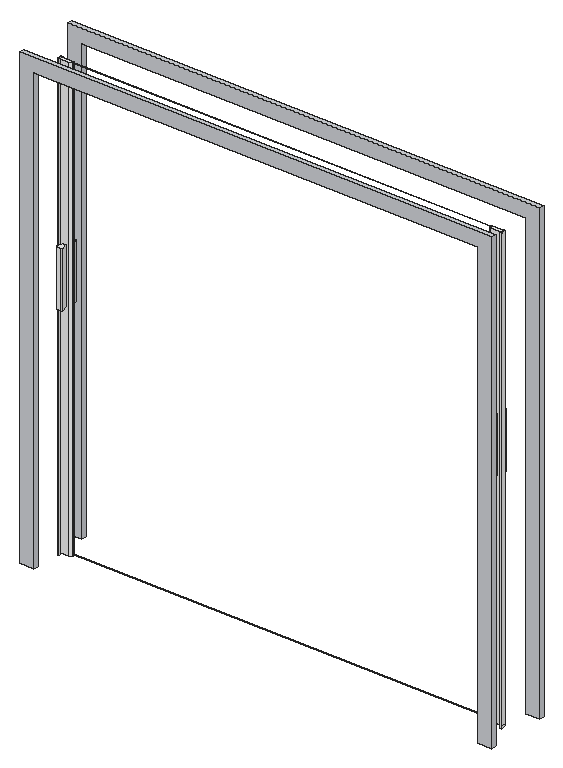
Revit family "Woodfold-Accordion-Door-Family-Series-540-Double", category Doors, host Wall, Revit 2026 (continued)
Definition of nested family "Detail - Panel Section - Recessed Track"
  Lines and regions (in)
    detail lines, in view "Ref. Level"
      curve 30: line (47.35392, -2.28816, 0) -> (47.03637, -2.28816, 0)
      curve 31: arc (47.07493, -2.22839, 0) -> (47.01689, -2.29205, 0) -> (46.95504, -2.23208, 0) r 0.06
      curve 32: line (47.315, -2.25816, 0) -> (47.06907, -2.25816, 0)
      curve 33: line (47.07493, -2.22839, 0) -> (47.35392, -2.22816, 0)
      curve 34: line (47.07511, -2.17209, 0) -> (47.07511, -2.22839, 0)
      curve 35: line (47.375, -2.17209, 0) -> (47.07511, -2.17209, 0)
      curve 36: line (47.375, -2.40479, 0) -> (47.375, 2.40479, 0)
      curve 37: arc (46.955, -1.14495, 0) -> (46.97747, -1.18941, 0) -> (46.955, -1.23387, 0) r 0.05523
      curve 38: arc (46.955, -0.39495, 0) -> (46.97747, -0.43941, 0) -> (46.955, -0.48387, 0) r 0.05523
      curve 39: arc (46.955, 0.47505, 0) -> (46.97747, 0.43059, 0) -> (46.955, 0.38613, 0) r 0.05523
      curve 40: arc (46.955, 1.22505, 0) -> (46.97747, 1.18059, 0) -> (46.955, 1.13613, 0) r 0.05523
      curve 41: arc (46.955, 2.11176, 0) -> (46.96964, 2.14712, 0) -> (47.005, 2.16176, 0) r 0.05
      curve 42: line (47.375, 2.16176, 0) -> (47.005, 2.16176, 0)
      curve 43: arc (47.07511, 1.34792, 0) -> (47.01511, 1.40792, 0) -> (47.07511, 1.46792, 0) r 0.06
      curve 44: arc (47.07511, 1.46792, 0) -> (47.13511, 1.40792, 0) -> (47.07511, 1.34792, 0) r 0.06
      curve 45: arc (47.07511, -1.44643, 0) -> (47.01511, -1.38643, 0) -> (47.07511, -1.32643, 0) r 0.06
      curve 46: arc (47.07511, -1.32643, 0) -> (47.13511, -1.38643, 0) -> (47.07511, -1.44643, 0) r 0.06
      curve 47: arc (47.375, 2.199, 0) -> (47.41022, 2.28802, 0) -> (47.375, 2.37703, 0) r 0.13011
      curve 48: line (47.35392, 2.21839, 0) -> (47.35392, 2.35623, 0)
      curve 49: line (47.35392, 2.22816, 0) -> (46.955, 2.22816, 0)
      curve 94: line (48, -2.40479, 0) -> (48, 2.34521, 0)
      curve 96: line (46.955, -2.23208, 0) -> (46.955, 2.11176, 0)
      curve 98: line (1.73233, -2.22816, 0) -> (1.73233, 2.11585, 0)
    detail lines, in view "Ref. Level", not visible
      curve 50: arc (0, -2.199, 0) -> (-0.03522, -2.28802, 0) -> (0, -2.37703, 0) r 0.13011
      curve 51: line (0.02108, -2.21839, 0) -> (0.02108, -2.35623, 0)
      curve 52: line (0.02108, -2.28816, 0) -> (0.33863, -2.28816, 0)
      curve 53: arc (0.30007, -2.22839, 0) -> (0.36007, -2.29208, 0) -> (0.41983, -2.22816, 0) r 0.06
      curve 54: line (0.06, -2.25816, 0) -> (0.30593, -2.25816, 0)
      curve 55: line (0.30007, -2.22839, 0) -> (0.02108, -2.22816, 0)
      curve 56: line (0.29989, -2.17209, 0) -> (0.29989, -2.22839, 0)
      curve 57: line (0, -2.17209, 0) -> (0.29989, -2.17209, 0)
      curve 58: line (0, -2.40479, 0) -> (0, 2.40479, 0)
      curve 59: arc (0.41983, -1.14507, 0) -> (0.39753, -1.18941, 0) -> (0.41983, -1.23375, 0) r 0.05523
      curve 60: arc (0.41983, -0.39507, 0) -> (0.39753, -0.43941, 0) -> (0.41983, -0.48375, 0) r 0.05523
      curve 61: arc (0.41983, 0.47493, 0) -> (0.39753, 0.43059, 0) -> (0.41983, 0.38625, 0) r 0.05523
      curve 62: arc (0.41983, 1.22493, 0) -> (0.39753, 1.18059, 0) -> (0.41983, 1.13625, 0) r 0.05523
      curve 63: arc (0.41983, 2.11585, 0) -> (0.40388, 2.14854, 0) -> (0.37, 2.16176, 0) r 0.05
      curve 64: line (0, 2.16176, 0) -> (0.37, 2.16176, 0)
      curve 65: arc (0.29989, 1.34792, 0) -> (0.35989, 1.40792, 0) -> (0.29989, 1.46792, 0) r 0.06
      curve 66: arc (0.29989, 1.46792, 0) -> (0.23989, 1.40792, 0) -> (0.29989, 1.34792, 0) r 0.06
      curve 67: arc (0.29989, -1.44643, 0) -> (0.35989, -1.38643, 0) -> (0.29989, -1.32643, 0) r 0.06
      curve 68: arc (0.29989, -1.32643, 0) -> (0.23989, -1.38643, 0) -> (0.29989, -1.44643, 0) r 0.06
      curve 69: arc (0, 2.199, 0) -> (-0.03522, 2.28802, 0) -> (0, 2.37703, 0) r 0.13011
      curve 70: line (0.02108, 2.21839, 0) -> (0.02108, 2.35623, 0)
      curve 71: line (0.41983, 2.22816, 0) -> (0.02108, 2.22816, 0)
      curve 72: arc (8.68994, -2.199, 0) -> (8.72516, -2.28802, 0) -> (8.68994, -2.37703, 0) r 0.13011
      curve 73: line (8.66886, -2.21839, 0) -> (8.66886, -2.35623, 0)
      curve 74: line (8.66886, -2.28816, 0) -> (8.35131, -2.28816, 0)
      curve 75: arc (8.38987, -2.22839, 0) -> (8.33183, -2.29205, 0) -> (8.26998, -2.23208, 0) r 0.06
      curve 76: line (8.62994, -2.25816, 0) -> (8.38402, -2.25816, 0)
      curve 77: line (8.38987, -2.22839, 0) -> (8.66886, -2.22816, 0)
      curve 78: line (8.39005, -2.17209, 0) -> (8.39005, -2.22839, 0)
      curve 79: line (8.68994, -2.17209, 0) -> (8.39005, -2.17209, 0)
      curve 80: line (8.68994, -2.40479, 0) -> (8.68994, 2.40479, 0)
      curve 81: arc (8.26994, -1.14495, 0) -> (8.29241, -1.18941, 0) -> (8.26994, -1.23387, 0) r 0.05523
      curve 82: arc (8.26994, -0.39495, 0) -> (8.29241, -0.43941, 0) -> (8.26994, -0.48387, 0) r 0.05523
      curve 83: arc (8.26994, 0.47505, 0) -> (8.29241, 0.43059, 0) -> (8.26994, 0.38613, 0) r 0.05523
      curve 84: arc (8.26994, 1.22505, 0) -> (8.29241, 1.18059, 0) -> (8.26994, 1.13613, 0) r 0.05523
      curve 85: arc (8.26994, 2.11176, 0) -> (8.28459, 2.14712, 0) -> (8.31994, 2.16176, 0) r 0.05
      curve 86: line (8.68994, 2.16176, 0) -> (8.31994, 2.16176, 0)
      curve 87: arc (8.39005, 1.34792, 0) -> (8.33005, 1.40792, 0) -> (8.39005, 1.46792, 0) r 0.06
      curve 88: arc (8.39005, 1.46792, 0) -> (8.45005, 1.40792, 0) -> (8.39005, 1.34792, 0) r 0.06
      curve 89: arc (8.39005, -1.44643, 0) -> (8.33005, -1.38643, 0) -> (8.39005, -1.32643, 0) r 0.06
      curve 90: arc (8.39005, -1.32643, 0) -> (8.45005, -1.38643, 0) -> (8.39005, -1.44643, 0) r 0.06
      curve 91: arc (8.68994, 2.199, 0) -> (8.72516, 2.28802, 0) -> (8.68994, 2.37703, 0) r 0.13011
      curve 92: line (8.66886, 2.21839, 0) -> (8.66886, 2.35623, 0)
      curve 93: line (8.66886, 2.22816, 0) -> (8.26994, 2.22816, 0)
      curve 95: line (9.31494, -2.40479, 0) -> (9.31494, 2.34521, 0)
      curve 97: line (8.26994, -2.23208, 0) -> (8.26994, 2.11176, 0)
      curve 99: line (0.41983, -2.22816, 0) -> (0.41983, 2.11585, 0)
  Dimensions and locks (in)
    "built-in parameter 1001306": plane 3 "Left" to plane 4 "Right"
    locked: plane 5 to plane 4 "Right" at 1.045
    aligned and locked: plane 1 "Center (Front/Back)" to curve 1
    aligned and locked: plane 4 "Right" to curve 1
    aligned and locked: plane 3 "Left" to curve 1
    aligned and locked: curve 94 to plane 4 "Right"
    aligned and locked: Filled region 1 to plane 5
    aligned and locked: curve 24 to curve 25
    aligned and locked: curve 8 to curve 4
    aligned and locked: curve 12 to nested 1
    aligned and locked: Filled region 1 to curve 98
  Automatic sketch dimensions
    plane 1 "Center (Front/Back)" to Filled region 1 sketch curve = 0' - 2.22816"
    Filled region 1 sketch curve to plane 1 "Center (Front/Back)" = 0' - 2.2317"
    plane 3 "Left" to Filled region 1 sketch curve = 3' - 10.955"
    plane 3 "Left" to Filled region 1 sketch curve = 0' - 1.73233"
    curve 38 to curve 39 = 0' - 0"
    curve 40 to curve 39 = 0' - 0"
    curve 38 to curve 37 = 0' - 0"
    curve 49 to curve 40 = 0' - 0"
    curve 37 to curve 37 = 0' - 0.03276"
    curve 49 to curve 41 = 0' - 0"
    curve 37 to curve 31 = 0' - 0.00004"
    curve 41 to curve 41 = 0' - 0.05"
    curve 42 to curve 41 = 0' - 0"
    curve 31 to curve 30 = 0' - 0.02133"
    curve 30 to curve 32 = 0' - 0.0327"
    curve 32 to curve 33 = 0' - 0.00585"
    curve 37 to curve 46 = 0' - 0.12011"
    curve 40 to curve 43 = 0' - 0.12011"
    curve 31 to curve 35 = 0' - 0.00018"
    curve 42 to curve 47 = 0' - 0.27511"
    curve 32 to curve 28 = 0' - 0.21103"
    curve 28 to curve 32 = 0' - 0.03489"
    curve 47 to curve 48 = 0' - 0.07381"
    curve 32 to curve 29 = 0' - 0.03892"
    curve 29 to curve 28 = 0' - 0.02108"
    curve 47 to curve 94 = 0' - 0 5/8"
    curve 36 to curve 94 = 0' - 0"
    curve 36 to curve 28 = 0' - 0.02776"
    curve 28 to curve 29 = 0' - 0.0208"
    curve 29 to curve 30 = 0' - 0.06807"
    curve 30 to curve 28 = 0' - 0.00014"
    curve 30 to curve 32 = 0' - 0.03"
    curve 31 to curve 34 = 0' - 0"
    curve 33 to curve 29 = 0' - 0.00977"
    curve 34 to curve 34 = 0' - 0.0563"
    curve 34 to curve 46 = 0' - 0.72566"
    curve 45 to curve 45 = 0' - 0.06"
    curve 45 to curve 37 = 0' - 0.09256"
    curve 37 to curve 37 = 0' - 0.04446"
    curve 37 to curve 38 = 0' - 0.66108"
    curve 38 to curve 38 = 0' - 0.04446"
    curve 38 to curve 39 = 0' - 0.78108"
    curve 39 to curve 39 = 0' - 0.04446"
    curve 39 to curve 40 = 0' - 0.66108"
    curve 40 to curve 40 = 0' - 0.04446"
    curve 40 to curve 43 = 0' - 0.12287"
    curve 43 to curve 44 = 0' - 0.06"
    curve 43 to curve 41 = 0' - 0.64384"
    curve 41 to curve 42 = 0' - 0"
    curve 42 to curve 47 = 0' - 0.03724"
    curve 47 to curve 48 = 0' - 0.01939"
    curve 42 to curve 49 = 0' - 0 17/256"
    curve 49 to curve 47 = 0' - 0.05986"
    curve 94 to curve 47 = 0' - 0.03183"
    curve 48 to curve 47 = 0' - 0.0208"
    curve 47 to curve 36 = 0' - 0.02776"
    curve 82 to curve 83 = 0' - 0"
    curve 84 to curve 83 = 0' - 0"
    curve 82 to curve 81 = 0' - 0"
    curve 93 to curve 84 = 0' - 0"
    curve 81 to curve 81 = 0' - 0.03276"
    curve 93 to curve 85 = 0' - 0"
    curve 81 to curve 75 = 0' - 0.00004"
    curve 85 to curve 85 = 0' - 0.05"
    curve 86 to curve 85 = 0' - 0"
    curve 75 to curve 74 = 0' - 0.02133"
    curve 74 to curve 76 = 0' - 0.0327"
    curve 76 to curve 77 = 0' - 0.00585"
    curve 81 to curve 90 = 0' - 0.12011"
    curve 84 to curve 87 = 0' - 0.12011"
    curve 75 to curve 79 = 0' - 0.00018"
    curve 86 to curve 91 = 0' - 0.27511"
    curve 76 to curve 72 = 0' - 0.21103"
    curve 72 to curve 76 = 0' - 0.03489"
    curve 91 to curve 92 = 0' - 0.07381"
    curve 76 to curve 73 = 0' - 0.03892"
    curve 73 to curve 72 = 0' - 0.02108"
    curve 91 to curve 95 = 0' - 0 5/8"
    curve 80 to curve 95 = 0' - 0"
    curve 80 to curve 72 = 0' - 0.02776"
    curve 72 to curve 73 = 0' - 0.0208"
    curve 73 to curve 74 = 0' - 0.06807"
    curve 74 to curve 72 = 0' - 0.00014"
    curve 74 to curve 76 = 0' - 0.03"
    curve 75 to curve 78 = 0' - 0"
    curve 77 to curve 73 = 0' - 0.00977"
    curve 78 to curve 78 = 0' - 0.0563"
    curve 78 to curve 90 = 0' - 0.72566"
    curve 89 to curve 89 = 0' - 0.06"
    curve 89 to curve 81 = 0' - 0.09256"
    curve 81 to curve 81 = 0' - 0.04446"
    curve 81 to curve 82 = 0' - 0.66108"
    curve 82 to curve 82 = 0' - 0.04446"
    curve 82 to curve 83 = 0' - 0.78108"
    curve 83 to curve 83 = 0' - 0.04446"
    curve 83 to curve 84 = 0' - 0.66108"
    curve 84 to curve 84 = 0' - 0.04446"
    curve 84 to curve 87 = 0' - 0.12287"
    curve 87 to curve 88 = 0' - 0.06"
    curve 87 to curve 85 = 0' - 0.64384"
    curve 85 to curve 86 = 0' - 0"
    curve 86 to curve 91 = 0' - 0.03724"
    curve 91 to curve 92 = 0' - 0.01939"
    curve 86 to curve 93 = 0' - 0 17/256"
    curve 93 to curve 91 = 0' - 0.05986"
    curve 95 to curve 91 = 0' - 0.03183"
    curve 92 to curve 91 = 0' - 0.0208"
    curve 91 to curve 80 = 0' - 0.02776"
    curve 43 to curve 44 = 0' - 0"  (x2)
    curve 45 to curve 46 = 0' - 0"  (x2)
    curve 96 to curve 31 = 0' - 0"
    curve 96 to curve 41 = 0' - 0"
    curve 87 to curve 88 = 0' - 0"  (x2)
    curve 89 to curve 90 = 0' - 0"  (x2)
    curve 97 to curve 75 = 0' - 0"
    curve 97 to curve 85 = 0' - 0"
    curve 25 to curve 26 = 0' - 0.04008"
    plane 3 "Left" to curve 8 = 0' - 1.56879"
    curve 8 to curve 9 = 0' - 0.0327"
    curve 9 to plane 5 = 0' - 0.00601"
    curve 8 to plane 5 = 0' - 0.03871"
    curve 26 to plane 5 = 0' - 0.36858"
    curve 26 to curve 25 = 0' - 0.03034"
    curve 8 to curve 9 = 0' - 0.03"
    curve 26 to plane 1 "Center (Front/Back)" = 0' - 2.26161"
    curve 26 to curve 25 = 0' - 0.03"
    curve 23 to curve 24 = 0' - 0.02108"
    curve 2 to curve 3 = 0' - 0.02108"
    curve 4 to curve 6 = 0' - 0.03892"
    curve 27 to curve 23 = 0' - 0.07381"
    curve 6 to curve 2 = 0' - 0.03489"
    curve 2 to curve 10 = 0' - 0.205"
    curve 18 to curve 19 = 0' - 0.29989"
    curve 10 to curve 22 = 0' - 0"
    curve 10 to curve 5 = 0' - 0.00018"
    curve 5 to curve 6 = 0' - 0.00585"
    curve 6 to curve 4 = 0' - 0.0327"
    curve 4 to curve 5 = 0' - 0.02133"
    curve 23 to curve 18 = 0' - 0.27511"
    curve 17 to curve 18 = 0' - 0"  (x2)
    curve 17 to curve 17 = 0' - 0.04983"
    curve 18 to curve 27 = 0' - 0.04983"
    curve 16 to curve 16 = 0' - 0.03293"
    curve 13 to curve 13 = 0' - 0.03293"
    curve 15 to curve 15 = 0' - 0.03293"
    curve 14 to curve 14 = 0' - 0.03293"
    curve 12 to curve 2 = 0' - 0.02776"
    curve 2 to curve 3 = 0' - 0.0208"
    curve 3 to curve 4 = 0' - 0.06807"
    curve 4 to curve 2 = 0' - 0.00014"
    curve 4 to curve 6 = 0' - 0.03"
    curve 7 to curve 10 = 0' - 0"
    curve 7 to curve 3 = 0' - 0.00977"
    curve 10 to curve 11 = 0' - 0.0563"
    curve 10 to curve 22 = 0' - 0.72566"
    curve 21 to curve 22 = 0' - 0.06"
    curve 21 to curve 13 = 0' - 0.09268"
    curve 13 to curve 13 = 0' - 0.04434"
    curve 13 to curve 14 = 0' - 0.66132"
    curve 14 to curve 14 = 0' - 0.04434"
    curve 14 to curve 15 = 0' - 0.78133"
    curve 15 to curve 15 = 0' - 0.04434"
    curve 15 to curve 16 = 0' - 0.66132"
    curve 16 to curve 16 = 0' - 0.04434"
    curve 16 to curve 19 = 0' - 0.12299"
    curve 19 to curve 20 = 0' - 0.06"
    curve 19 to curve 17 = 0' - 0.64384"
    curve 17 to curve 17 = 0' - 0.00409"
    curve 18 to curve 23 = 0' - 0.03724"
    curve 23 to curve 24 = 0' - 0.01939"
    curve 24 to curve 27 = 0' - 0.00977"
    curve 27 to curve 23 = 0' - 0.05986"
    curve 24 to curve 23 = 0' - 0.0208"
    curve 23 to curve 12 = 0' - 0.02776"
    curve 19 to curve 20 = 0' - 0"  (x2)
    curve 21 to curve 22 = 0' - 0"  (x2)
    curve 69 to curve 70 = 0' - 0.02108"
    curve 50 to curve 51 = 0' - 0.02108"
    curve 52 to curve 54 = 0' - 0.03892"
    curve 71 to curve 69 = 0' - 0.07381"
    curve 54 to curve 50 = 0' - 0.03489"
    curve 50 to curve 56 = 0' - 0.205"
    curve 64 to curve 65 = 0' - 0.29989"
    curve 56 to curve 68 = 0' - 0"
    curve 56 to curve 53 = 0' - 0.00018"
    curve 53 to curve 54 = 0' - 0.00585"
    curve 54 to curve 52 = 0' - 0.0327"
    curve 52 to curve 53 = 0' - 0.02133"
    curve 69 to curve 64 = 0' - 0.27511"
    curve 63 to curve 64 = 0' - 0"  (x2)
    curve 63 to curve 63 = 0' - 0.04983"
    curve 64 to curve 71 = 0' - 0.04983"
    curve 62 to curve 62 = 0' - 0.03293"
    curve 59 to curve 59 = 0' - 0.03293"
    curve 61 to curve 61 = 0' - 0.03293"
    curve 60 to curve 60 = 0' - 0.03293"
    curve 58 to curve 50 = 0' - 0.02776"
    curve 50 to curve 51 = 0' - 0.0208"
    curve 51 to curve 52 = 0' - 0.06807"
    curve 52 to curve 50 = 0' - 0.00014"
    curve 52 to curve 54 = 0' - 0.03"
    curve 55 to curve 56 = 0' - 0"
    curve 55 to curve 51 = 0' - 0.00977"
    curve 56 to curve 57 = 0' - 0.0563"
    curve 56 to curve 68 = 0' - 0.72566"
    curve 67 to curve 68 = 0' - 0.06"
    curve 67 to curve 59 = 0' - 0.09268"
    curve 59 to curve 59 = 0' - 0.04434"
    curve 59 to curve 60 = 0' - 0.66132"
    curve 60 to curve 60 = 0' - 0.04434"
    curve 60 to curve 61 = 0' - 0.78133"
    curve 61 to curve 61 = 0' - 0.04434"
    curve 61 to curve 62 = 0' - 0.66132"
    curve 62 to curve 62 = 0' - 0.04434"
    curve 62 to curve 65 = 0' - 0.12299"
    curve 65 to curve 66 = 0' - 0.06"
    curve 65 to curve 63 = 0' - 0.64384"
    curve 63 to curve 63 = 0' - 0.00409"
    curve 64 to curve 69 = 0' - 0.03724"
    curve 69 to curve 70 = 0' - 0.01939"
    curve 70 to curve 71 = 0' - 0.00977"
    curve 71 to curve 69 = 0' - 0.05986"
    curve 70 to curve 69 = 0' - 0.0208"
    curve 69 to curve 58 = 0' - 0.02776"
    curve 65 to curve 66 = 0' - 0"  (x2)
    curve 67 to curve 68 = 0' - 0"  (x2)
  Nested families (in)
    nested 1: "Detail Recessed Track" at (0, 0, 0) x (-1, 0, 0) z (0, 0, 1), type "Detail Track", in view "Ref. Level"
  Definition of nested family "Detail Recessed Track"
    Parameters
      Assembly Code = ""
    Reference planes (in)
      plane 1 "Center (Front/Back)": y = 0
      plane 2: z = 0
      plane 3 "Center (Left/Right)": x = 0
    Lines and regions (in)
      detail lines, in view "Ref. Level"
        curve 1: line (-0.9375, 0.5625, 0) -> (-0.125, 0.5625, 0)
        curve 2: line (-0.125, -0.5625, 0) -> (-0.9375, -0.5625, 0)
        curve 3: line (-0.125, 0.5625, 0) -> (-0.125, -0.5625, 0)
        curve 4: line (-1.0625, -0.4375, 0) -> (-1.0625, -0.3125, 0)
        curve 5: line (-1.3125, -0.15789, 0) -> (-1.3125, 0.15789, 0)
        curve 6: line (-1.3125, 0.15789, 0) -> (-0.8125, 0.15789, 0)
        curve 7: line (-1.3125, -0.15789, 0) -> (-0.8125, -0.15789, 0)
        curve 8: line (-1.0625, -0.4375, 0) -> (-0.9375, -0.5625, 0)
        curve 9: line (-1.0625, -0.3125, 0) -> (-0.90789, -0.15789, 0)
        curve 10: line (-1.0625, 0.4375, 0) -> (-1.0625, 0.3125, 0)
        curve 11: line (-1.0625, 0.4375, 0) -> (-0.9375, 0.5625, 0)
        curve 12: line (-1.0625, 0.3125, 0) -> (-0.90789, 0.15789, 0)
        curve 13: line (-0.88572, 0.4375, 0) -> (-0.25, 0.4375, 0)
        curve 14: line (-0.25, 0.4375, 0) -> (-0.25, -0.4375, 0)
        curve 15: line (-0.25, -0.4375, 0) -> (-0.88572, -0.4375, 0)
        curve 16: line (-0.9375, -0.38572, 0) -> (-0.88572, -0.4375, 0)
        curve 17: line (-0.9375, -0.38572, 0) -> (-0.9375, -0.36428, 0)
        curve 18: line (-0.9375, -0.36428, 0) -> (-0.81951, -0.24628, 0)
        curve 19: line (-0.9375, 0.36428, 0) -> (-0.81951, 0.24628, 0)
        curve 20: line (-0.9375, 0.38572, 0) -> (-0.9375, 0.36428, 0)
        curve 21: line (-0.9375, 0.38572, 0) -> (-0.88572, 0.4375, 0)
        curve 22: line (-0.81951, -0.24628, 0) -> (-0.90789, -0.15789, 0)
        curve 23: line (-0.90789, 0.15789, 0) -> (-0.81951, 0.24628, 0)
        curve 24: line (-0.8125, -0.3125, 0) -> (-0.8125, 0.3125, 0)
        curve 25: arc (-0.33779, 0.4375, 0) -> (-0.27529, 0.375, 0) -> (-0.33779, 0.3125, 0) r 0.0625
        curve 26: line (-0.33779, 0.3125, 0) -> (-0.85749, 0.3125, 0)
        curve 27: arc (-0.85749, 0.4375, 0) -> (-0.91999, 0.375, 0) -> (-0.85749, 0.3125, 0) r 0.0625
        curve 28: arc (-0.33779, -0.4375, 0) -> (-0.27529, -0.375, 0) -> (-0.33779, -0.3125, 0) r 0.0625
        curve 29: line (-0.33779, -0.3125, 0) -> (-0.85749, -0.3125, 0)
        curve 30: arc (-0.85749, -0.4375, 0) -> (-0.91999, -0.375, 0) -> (-0.85749, -0.3125, 0) r 0.0625
        curve 31: line (-0.4375, -0.3125, 0) -> (-0.4375, 0.3125, 0)
        curve 32: line (-0.9375, 0.5625, 0) -> (-0.1875, 0.5625, 0)
        curve 33: line (-0.1875, -0.5625, 0) -> (-0.9375, -0.5625, 0)
        curve 34: line (-1.0625, -0.4375, 0) -> (-1.0625, -0.3125, 0)
        curve 35: line (-1.3125, -0.15789, 0) -> (-1.3125, 0.15789, 0)
        curve 36: line (-1.3125, 0.15789, 0) -> (-0.90789, 0.15789, 0)
        curve 37: line (-1.3125, -0.15789, 0) -> (-0.90789, -0.15789, 0)
        curve 38: line (-1.0625, -0.4375, 0) -> (-0.9375, -0.5625, 0)
        curve 39: line (-1.0625, -0.3125, 0) -> (-0.90789, -0.15789, 0)
        curve 40: line (-1.0625, 0.4375, 0) -> (-1.0625, 0.3125, 0)
        curve 41: line (-1.0625, 0.4375, 0) -> (-0.9375, 0.5625, 0)
        curve 42: line (-1.0625, 0.3125, 0) -> (-0.90789, 0.15789, 0)
        curve 43: line (-0.75, 0.65625, 0) -> (-0.75, 1.90625, 0)
        curve 44: line (-0.75, 0.65625, 0) -> (0, 0.65625, 0)
        curve 45: line (0, 0.65625, 0) -> (0, -0.65625, 0)
        curve 46: line (0, -0.65625, 0) -> (-0.75, -0.65625, 0)
        curve 47: line (-0.75, -0.65625, 0) -> (-0.75, -1.90625, 0)
        curve 48: line (-0.875, 0.5625, 0) -> (-0.875, 1.90625, 0)
        curve 49: line (-0.875, -0.5625, 0) -> (-0.875, -1.90625, 0)
        curve 50: line (-0.875, 1.90625, 0) -> (-0.75, 1.90625, 0)
        curve 51: line (-0.875, -1.90625, 0) -> (-0.75, -1.90625, 0)
    Nested families (in)
      nested 1: "Metal Screw" at (0.37615, 0, 0) x (0, 1, 0) z (0, 0, 1), type "1"", in view "Ref. Level"
    Definition of nested family "Metal Screw"
      Parameters
        Length = 0' - 1 1/2"
        Assembly Code = ""
      Reference planes (in)
        plane 1 "Center (Front/Back)": y = 0.62615
        plane 2: z = 0
        plane 3 "Center (Left/Right)": x = 0
        plane 4: y = -0.87385
      Lines and regions (in)
        Filled region 1, type "Steel", in view "Ref. Level"
          outline origin (0, 0, 0) x (1, 0, 0) y (0, 1, 0)
            loop
              line (-0.18472, 0.62615) -> (-0.0625, 0.62615) -> (-0.0625, -0.87385) -> (0, -0.93635) -> (0.0625, -0.87385) -> (0.0625, 0.62615) -> (0.18472, 0.62615)
              arc (0.18472, 0.62615) -> (0, 0.75115) -> (-0.18472, 0.62615) r 0.19899
        detail lines, in view "Ref. Level"
          curve 1: line (0.18472, 0.62615, 0) -> (0.05972, 0.62615, 0)
          curve 2: line (0.0625, 0.62615, 0) -> (0.0625, -0.87385, 0)
          curve 3: line (0.0625, -0.87385, 0) -> (0, -0.93635, 0)
          curve 4: line (-0.0625, 0.62615, 0) -> (-0.0625, -0.87385, 0)
          curve 5: line (-0.0625, -0.87385, 0) -> (0, -0.93635, 0)
          curve 7: line (-0.18472, 0.62615, 0) -> (-0.05972, 0.62615, 0)
          curve 8: arc (-0.18472, 0.62615, 0) -> (0, 0.75115, 0) -> (0.18472, 0.62615, 0) r 0.19899
        detail lines, in view "Ref. Level", not visible
          curve 6: line (0.18472, 0.8125, 0) -> (0.05972, 0.8125, 0)
          curve 9: line (-0.18472, 0.8125, 0) -> (-0.05972, 0.8125, 0)
          curve 10: arc (-0.18472, 0.8125, 0) -> (0, 0.9375, 0) -> (0.18472, 0.8125, 0) r 0.19899
          curve 11: line (0.0625, -1.18635, 0) -> (0, -1.24885, 0)
          curve 12: line (-0.0625, -1.18635, 0) -> (0, -1.24885, 0)
      Dimensions and locks (in)
        "Length": plane 1 "Center (Front/Back)" to plane 4
        aligned and locked: plane 1 "Center (Front/Back)" to curve 7
        aligned and locked: plane 4 to curve 2
        aligned and locked: plane 4 to curve 4
        aligned and locked: plane 4 to curve 3
        aligned and locked: Filled region 1 sketch curve to curve 7
        aligned and locked: Filled region 1 sketch curve to curve 4
        aligned and locked: Filled region 1 sketch curve to curve 5
        aligned and locked: Filled region 1 sketch curve to curve 3
        aligned and locked: Filled region 1 sketch curve to curve 2
        aligned and locked: Filled region 1 sketch curve to curve 1
      Automatic sketch dimensions
        curve 4 to plane 1 "Center (Front/Back)" = 0' - 0"
        curve 2 to plane 1 "Center (Front/Back)" = 0' - 0"
        curve 4 to plane 3 "Center (Left/Right)" = 0' - 0 1/16"
        plane 3 "Center (Left/Right)" to curve 2 = 0' - 0 1/16"
        curve 7 to curve 7 = 0' - 0 1/8"
        curve 7 to curve 8 = 0' - 0.05972"
        curve 8 to curve 1 = 0' - 0.05972"
        curve 1 to curve 8 = 0' - 0 1/8"
        curve 8 to curve 7 = 0' - 0.07399"
        curve 9 to curve 9 = 0' - 0 1/8"
        curve 9 to curve 10 = 0' - 0.05972"
        curve 10 to curve 6 = 0' - 0.05972"
        curve 6 to curve 10 = 0' - 0 1/8"
        curve 10 to curve 9 = 0' - 0.07399"
        Filled region 1 sketch curve to plane 3 "Center (Left/Right)" = 0' - 0"
        Filled region 1 sketch curve to Filled region 1 sketch curve = 0' - 0.12222"
        plane 1 "Center (Front/Back)" to Filled region 1 sketch curve = 0' - 0.07399"
Definition of nested family "Detail - Double Opening Arrow"
  Parameters
    built-in parameter 1001306 [instance] = 5' - 0"
  Reference planes (in)
    plane 1 "Center (Front/Back)": y = 0
    plane 2: z = 0
    plane 3 "Left": x = 0
    plane 4 "Right": x = 60
  Lines and regions (in)
    reference lines, in view "Ref. Level"
      curve 1: line (0, 0, 0) -> (60, 0, 0)
    detail lines, in view "Ref. Level"
      curve 2: line (0, 0, 0) -> (60, 0, 0)
      curve 3: line (51.51472, 8.48528, 0) -> (60, 0, 0)
      curve 4: line (60, 0, 0) -> (51.51472, -8.48528, 0)
      curve 5: line (0, 0, 0) -> (8.48528, 8.48528, 0)
      curve 6: line (0, 0, 0) -> (8.48528, -8.48528, 0)
  Dimensions and locks (in)
    "built-in parameter 1001306": plane 3 "Left" to plane 4 "Right"
    aligned and locked: plane 1 "Center (Front/Back)" to curve 1
    aligned and locked: plane 4 "Right" to curve 1
    aligned and locked: plane 3 "Left" to curve 1
  Automatic sketch dimensions
    curve 5 to plane 1 "Center (Front/Back)" = 0' - 0"
    curve 5 to plane 3 "Left" = 0' - 0"
    curve 2 to plane 4 "Right" = 0' - 0"
    plane 3 "Left" to curve 5 = 0' - 8.48528"
    plane 3 "Left" to curve 6 = 0' - 8.48528"
    plane 4 "Right" to curve 3 = 0' - 8.48528"
    plane 4 "Right" to curve 4 = 0' - 8.48528"
    plane 1 "Center (Front/Back)" to curve 4 = 0' - 8.48528"
    curve 5 to plane 1 "Center (Front/Back)" = 0' - 8.48528"
Types (4): name | Surface Track | Recessed Track | Hardware Type
  8'-0" x 8'-0" Surface Mounted w/Deadlatch | yes | no | "Deadlatch with Thumbturn Two-side"
  8'-0" x 8'-0" Surface Mounted w/Magnetic Catch | yes | no | "Magnetic Catch and Strike Plate"
  8'-0" x 8'-0" Recessed Track w/Deadlatch | no | yes | "Deadlatch with Thumbturn Two-side"
  8'-0" x 8'-0" Recessed Track w/Magnetic Catch | no | yes | "Magnetic Catch and Strike Plate"
